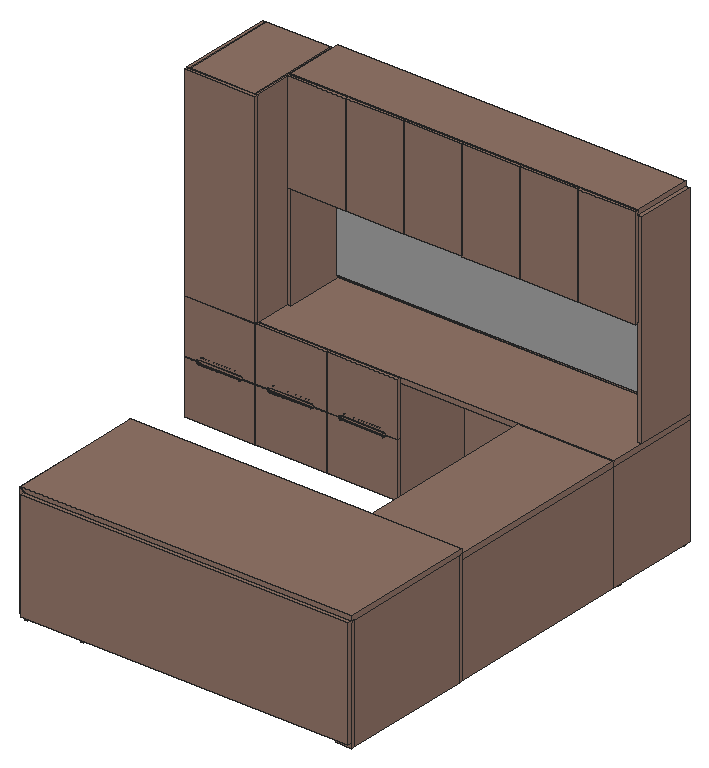
Revit family "OFS TYPICAL T100005", category Furniture, Revit 2022
Family settings
  OmniClass Number = 23.40.20.00
  OmniClass Title = General Furniture and Specialties
  Work Plane-Based = No
  Always vertical = Yes
  Cut with Voids When Loaded = No
  Render Appearance Source = Family Geometry
  Shared = No
  Room Calculation Point = No
Parameters (values of type "T100005")
  URL = "http://ofs.com/"
  Model = "T100005"
  Manufacturer = "OFS"
  Description = "OFS TYPICAL T100005"
  Default Elevation = 0' - 0"
  Copyright © = "©OFS 2024"
  Catalog = ""
  Authoring Version = "Autodesk Revit 2018"
  Assembly Code = "E2020200"
Reference planes (in)
  plane 1 "Center Front/Back": y = 0
  plane 2: z = 0
  plane 3 "Center Left/Right": x = 0
Dimensions and locks (in)
  aligned and locked: level to plane 2
Nested families (in)
  nested 1: "OFS SLATE OVERLAY HIGHBACK ORGANIZER" at (-42, 0, 0), type "Overlay Highback Organizer 6 Doors 90W x 52H - 1.5 High"
    with Top OFS BRANDS Dark Wood, Show Doors yes, Panel OFS BRANDS Dark Wood, Elevation 2' - 5 1/4", Doors OFS BRANDS Dark Wood, Center Doors yes, Base Panel OFS BRANDS Dark Wood, Base OFS BRANDS Dark Wood, Back OFS BRANDS Dark Wood
  nested 2: "OFS SLATE OVERLAY DESK" at (47.97509, -106.8125, 0) x (-1, 0, 0) z (0, 0, 1), type "Full Modesty Overlay Single 15- 84W x 36D - Right"
    with Panel OFS Dark Wood, Glides OFS Black Plastic, Drawers OFS Dark Wood, Doors OFS Dark Wood, Case OFS Dark Wood, Back Panel OFS Dark Wood
  nested 3: "OFS SLATE TACKBOARDS" at (-42.125, 0, 0), type "Tackboard 90W x 25D"
    with Elevation 2' - 6 1/2", Board OFS SLATE White Fabric
  nested 4: "OFS SLATE CREDENZA SINGLE PEDESTAL" at (48, -24, 0), type "Credenza 90"W Single Pedestal Left"
    with Top OFS BRANDS Dark Wood, Right no, Panel OFS BRANDS Dark Wood, Mount Panel OFS BRANDS Dark Wood, Left yes, Glides OFS BRANDS Black Plastic, Drawers OFS BRANDS Dark Wood, Case OFS BRANDS Dark Wood, Base OFS BRANDS Dark Wood
  nested 5: "OFS SLATE TALL STORAGE CABINET _ WARDROBE FILE-FILE" at (-60.00001, 0, 0), type "Tall Storage Wardrobe File-File Left - 81H"
    with Top OFS SLATE Dark Wood, Glides OFS SLATE Black Plastic, Drawers OFS SLATE Dark Wood, Doors OFS SLATE Dark Wood, Case OFS SLATE Dark Wood, Base OFS SLATE Dark Wood
  nested 6: "OFS_Slate Private Office_Return_Bridge_Top" at (47.97509, -24, 0) x (0, -1, 0) z (0, 0, 1), type "48 Bridge Top With Back Panel"
    with Width 4' - 0", Type 2, Back Panel yes
Definition of nested family "OFS SLATE OVERLAY HIGHBACK ORGANIZER"
  Parameters (values of type "Overlay Highback Organizer 4 Doors 78W x 52H - 2 High")
    Show Doors [instance] = yes
    Width = 6' - 6"
    URL = "http://www.ofs.com/"
    Top [instance] = none
    Default Elevation = 0' - 0"
    Base Panel [instance] = none
    Panel [instance] = none
    Model = "CA-A7853HD31"
    Manufacturer = "CAROLINA"
    Length 2 = if(Width > 7' 0", Length 1 - 0' 0.063", Width / 2 - 0' 1")  # 3' - 2"
    Length 1 = if(Width > 7' 0", (Width / 6 - 0' 0.31"), 0' 0")  # 0' - 0"
    High = 2
    Height 1 = if(and(High = 1, Height = 3' 5"), 1' 7", if(and(High = 1.5, Height = 4' 5"), 2' 1", if(and(High = 2, Height = 4' 5"), 2' 7", 2' 1")))  # 2' - 7"
    Height = 4' - 5"
    Elevation [instance] = 2' - 5 1/4"
    Doors [instance] = none
    Description = "OFS SLATE Overlay Highback Organizer 4 Doors, 78W x 15.75D x 52.5H, Slate Private Office"
    Copyright © = "© 2019 OFS"
    Center Doors [instance] = and(Show Doors, Width > 7' 0")  # no
    Catalog = "https://ofs.com/products/tables/conference/slate"
    Base [instance] = none
    Back [instance] = none
    Authoring Version = "Autodesk Revit Architecture 2014"
    Assembly Code = "E2020200"
  Types (27): name | Width | Model | Length 2 | Length 1 | High | Height 1 | Height | Description | Center Doors
    Overlay Highback Organizer 6 Doors 108W x 52H - 2 High | 9' - 0" | "CA-A10853HD31" | 1' - 5.627" | 1' - 5.69" | 2 | 2' - 7" | 4' - 5" | "OFS SLATE Overlay Highback Organizer 6 Doors, 108W x 15.75D x 52.5H, Slate Private Office" | yes
    Overlay Highback Organizer 6 Doors 102W x 52H - 2 High | 8' - 6" | "CA-A10253HD31" | 1' - 4.627" | 1' - 4.69" | 2 | 2' - 7" | 4' - 5" | "OFS SLATE Overlay Highback Organizer 6 Doors, 102W x 15.75D x 52.5H, Slate Private Office" | yes
    Overlay Highback Organizer 6 Doors 96W x 52H - 2 High | 8' - 0" | "CA-A9653HD31" | 1' - 3.627" | 1' - 3.69" | 2 | 2' - 7" | 4' - 5" | "OFS SLATE Overlay Highback Organizer 6 Doors, 96W x 15.75D x 52.5H, Slate Private Office" | yes
    Overlay Highback Organizer 6 Doors 90W x 52H - 2 High | 7' - 6" | "CA-A9053HD31" | 1' - 2.627" | 1' - 2.69" | 2 | 2' - 7" | 4' - 5" | "OFS SLATE Overlay Highback Organizer 6 Doors, 90W x 15.75D x 52.5H, Slate Private Office" | yes
    Overlay Highback Organizer 4 Doors 84W x 52H - 2 High | 7' - 0" | "CA-A8453HD31" | 3' - 5" | 0' - 0" | 2 | 2' - 7" | 4' - 5" | "OFS SLATE Overlay Highback Organizer 4 Doors, 84W x 15.75D x 52.5H, Slate Private Office" | no
    Overlay Highback Organizer 4 Doors 78W x 52H - 2 High | 6' - 6" | "CA-A7853HD31" | 3' - 2" | 0' - 0" | 2 | 2' - 7" | 4' - 5" | "OFS SLATE Overlay Highback Organizer 4 Doors, 78W x 15.75D x 52.5H, Slate Private Office" | no
    Overlay Highback Organizer 4 Doors 72W x 52H - 2 High | 6' - 0" | "CA-A7253HD31" | 2' - 11" | 0' - 0" | 2 | 2' - 7" | 4' - 5" | "OFS SLATE Overlay Highback Organizer 4 Doors, 72W x 15.75D x 52.5H, Slate Private Office" | no
    Overlay Highback Organizer 4 Doors 66W x 52H - 2 High | 5' - 6" | "CA-A6653HD31" | 2' - 8" | 0' - 0" | 2 | 2' - 7" | 4' - 5" | "OFS SLATE Overlay Highback Organizer 4 Doors, 66W x 15.75D x 52.5H, Slate Private Office" | no
    Overlay Highback Organizer 4 Doors 60W x 52H - 2 High | 5' - 0" | "CA-A6053HD31" | 2' - 5" | 0' - 0" | 2 | 2' - 7" | 4' - 5" | "OFS SLATE Overlay Highback Organizer 4 Doors, 60W x 15.75D x 52.5H, Slate Private Office" | no
    Overlay Highback Organizer 6 Doors 108W x 52H - 1.5 High | 9' - 0" | "CA-A10853HD25" | 1' - 5.627" | 1' - 5.69" | 1.5 | 2' - 1" | 4' - 5" | "OFS SLATE Overlay Highback Organizer 6 Doors, 108W x 15.75D x 52.5H, Slate Private Office" | yes
    Overlay Highback Organizer 6 Doors 102W x 52H - 1.5 High | 8' - 6" | "CA-A10253HD25" | 1' - 4.627" | 1' - 4.69" | 1.5 | 2' - 1" | 4' - 5" | "OFS SLATE Overlay Highback Organizer 6 Doors, 102W x 15.75D x 52.5H, Slate Private Office" | yes
    Overlay Highback Organizer 6 Doors 96W x 52H - 1.5 High | 8' - 0" | "CA-A9653HD25" | 1' - 3.627" | 1' - 3.69" | 1.5 | 2' - 1" | 4' - 5" | "OFS SLATE Overlay Highback Organizer 6 Doors, 96W x 15.75D x 52.5H, Slate Private Office" | yes
    Overlay Highback Organizer 6 Doors 90W x 52H - 1.5 High | 7' - 6" | "CA-A9053HD25" | 1' - 2.627" | 1' - 2.69" | 1.5 | 2' - 1" | 4' - 5" | "OFS SLATE Overlay Highback Organizer 6 Doors, 90W x 15.75D x 52.5H, Slate Private Office" | yes
    Overlay Highback Organizer 4 Doors 84W x 52H - 1.5 High | 7' - 0" | "CA-A8453HD25" | 3' - 5" | 0' - 0" | 1.5 | 2' - 1" | 4' - 5" | "OFS SLATE Overlay Highback Organizer 4 Doors, 84W x 15.75D x 52.5H, Slate Private Office" | no
    Overlay Highback Organizer 4 Doors 78W x 52H - 1.5 High | 6' - 6" | "CA-A7853HD25" | 3' - 2" | 0' - 0" | 1.5 | 2' - 1" | 4' - 5" | "OFS SLATE Overlay Highback Organizer 4 Doors, 78W x 15.75D x 52.5H, Slate Private Office" | no
    Overlay Highback Organizer 4 Doors 72W x 52H - 1.5 High | 6' - 0" | "CA-A7253HD25" | 2' - 11" | 0' - 0" | 1.5 | 2' - 1" | 4' - 5" | "OFS SLATE Overlay Highback Organizer 4 Doors, 72W x 15.75D x 52.5H, Slate Private Office" | no
    Overlay Highback Organizer 4 Doors 66W x 52H - 1.5 High | 5' - 6" | "CA-A6653HD25" | 2' - 8" | 0' - 0" | 1.5 | 2' - 1" | 4' - 5" | "OFS SLATE Overlay Highback Organizer 4 Doors, 66W x 15.75D x 52.5H, Slate Private Office" | no
    Overlay Highback Organizer 4 Doors 60W x 52H - 1.5 High | 5' - 0" | "CA-A6053HD25" | 2' - 5" | 0' - 0" | 1.5 | 2' - 1" | 4' - 5" | "OFS SLATE Overlay Highback Organizer 4 Doors, 60W x 15.75D x 52.5H, Slate Private Office" | no
    Overlay Highback Organizer 6 Doors 108W x 40H - 1 High | 9' - 0" | "CA-A10841HD19" | 1' - 5.627" | 1' - 5.69" | 1 | 1' - 7" | 3' - 5" | "OFS SLATE Overlay Highback Organizer 6 Doors, 108W x 15.75D x 40.5H, Slate Private Office" | yes
    Overlay Highback Organizer 6 Doors 102W x 40H - 1 High | 8' - 6" | "CA-A10241HD19" | 1' - 4.627" | 1' - 4.69" | 1 | 1' - 7" | 3' - 5" | "OFS SLATE Overlay Highback Organizer 6 Doors, 102W x 15.75D x 40.5H, Slate Private Office" | yes
    Overlay Highback Organizer 6 Doors 96W x 40H - 1 High | 8' - 0" | "CA-A9641HD19" | 1' - 3.627" | 1' - 3.69" | 1 | 1' - 7" | 3' - 5" | "OFS SLATE Overlay Highback Organizer 6 Doors, 96W x 15.75D x 40.5H, Slate Private Office" | yes
    Overlay Highback Organizer 6 Doors 90W x 40H - 1 High | 7' - 6" | "CA-A9041HD19" | 1' - 2.627" | 1' - 2.69" | 1 | 1' - 7" | 3' - 5" | "OFS SLATE Overlay Highback Organizer 6 Doors, 90W x 15.75D x 40.5H, Slate Private Office" | yes
    Overlay Highback Organizer 4 Doors 84W x 40H - 1 High | 7' - 0" | "CA-A8441HD19" | 3' - 5" | 0' - 0" | 1 | 1' - 7" | 3' - 5" | "OFS SLATE Overlay Highback Organizer 4 Doors, 84W x 15.75D x 40.5H, Slate Private Office" | no
    Overlay Highback Organizer 4 Doors 78W x 40H - 1 High | 6' - 6" | "CA-A7841HD19" | 3' - 2" | 0' - 0" | 1 | 1' - 7" | 3' - 5" | "OFS SLATE Overlay Highback Organizer 4 Doors, 78W x 15.75D x 40.5H, Slate Private Office" | no
    Overlay Highback Organizer 4 Doors 72W x 40H - 1 High | 6' - 0" | "CA-A7241HD19" | 2' - 11" | 0' - 0" | 1 | 1' - 7" | 3' - 5" | "OFS SLATE Overlay Highback Organizer 4 Doors, 72W x 15.75D x 40.5H, Slate Private Office" | no
    Overlay Highback Organizer 4 Doors 66W x 40H - 1 High | 5' - 6" | "CA-A6641HD19" | 2' - 8" | 0' - 0" | 1 | 1' - 7" | 3' - 5" | "OFS SLATE Overlay Highback Organizer 4 Doors, 66W x 15.75D x 40.5H, Slate Private Office" | no
    Overlay Highback Organizer 4 Doors 60W x 40H - 1 High | 5' - 0" | "CA-A6041HD19" | 2' - 5" | 0' - 0" | 1 | 1' - 7" | 3' - 5" | "OFS SLATE Overlay Highback Organizer 4 Doors, 60W x 15.75D x 40.5H, Slate Private Office" | no
  Reference planes (in)
    plane 1 "Center (Front/Back)": y = 0
    plane 2: z = 0
    plane 3 "Center (Left/Right)": x = 0
    plane 4: x = 78
    plane 5: y = -15
    plane 6: x = 39
    plane 7: z = 29.25
    plane 8: z = 80.75
    plane 9: z = 80
    plane 10: z = 51.4375
    plane 11: z = 50.25
    plane 12: z = 29.75
    plane 13: z = 81.25
    plane 14: x = 39
    plane 15: x = 39
    plane 16: x = 20
    plane 17: x = 58
    plane 18: x = 1
    plane 19: x = 77
    plane 20: z = 81.8125
    plane 21: z = 81.75
    plane 22: z = 82.25
  Forms (in)
    Extrusion 1, solid, material <- "Panel"
      sketch origin (39, -0.75, 47.24409) x (0, 1, 0) y (0, 0, 1)
        loop
          line (0, 32.7559) -> (-14.25, 32.7559) -> (-14.25, 4.19341) -> (0, 4.19341) -> (0, 32.7559)
      from -0.375 to 0.375
    Extrusion 2, solid, material <- "Panel"
      sketch origin (39, -0.75, 47.24409) x (0, 1, 0) y (0, 0, -1)
        loop
          line (0, -32.7559) -> (0, -4.19341) -> (-14.25, -4.19341) -> (-14.25, -32.7559) -> (0, -32.7559)
      from -0.375 to 0.375
    Extrusion 3, solid, material <- "Doors", visible <- "Show Doors"
      sketch origin (-3.99704, -15, 47.24409) x (-1, 0, 0) y (0, 0, 1)
        loop
          line (-4.99704, 34.50591) -> (-23.93204, 34.50591) -> (-23.93204, 3.00591) -> (-4.99704, 3.00591) -> (-4.99704, 34.50591)
        loop
          line (-80.99704, 34.50591) -> (-80.99704, 3.00591) -> (-62.06204, 3.00591) -> (-62.06204, 34.50591) -> (-80.99704, 34.50591)
      from -0.08661 to -0.83661
    Extrusion 4, solid, material <- "Doors", visible <- "Show Doors"
      sketch origin (-3.99704, -15, 47.24409) x (-1, 0, 0) y (0, 0, 1)
        loop
          line (-42.93454, 34.50591) -> (-42.93454, 3.00591) -> (-24.06204, 3.00591) -> (-24.06204, 34.50591) -> (-42.93454, 34.50591)
        loop
          line (-43.05954, 34.50591) -> (-61.93204, 34.50591) -> (-61.93204, 3.00591) -> (-43.05954, 3.00591) -> (-43.05954, 34.50591)
      from -0.08661 to -0.83661
    Extrusion 5, solid, material <- "Doors", visible <- "Center Doors"
      sketch origin (-3.99704, -15, 47.24409) x (-1, 0, 0) y (0, 0, 1)
        loop
          line (-42.93204, 34.50591) -> (-42.93204, 3.00591) -> (-4.99704, 3.00591) -> (-4.99704, 34.50591) -> (-42.93204, 34.50591)
        loop
          line (-43.06204, 34.50591) -> (-80.99704, 34.50591) -> (-80.99704, 3.00591) -> (-43.06204, 3.00591) -> (-43.06204, 34.50591)
      from -0.08661 to -0.83661
    Extrusion 6, solid, material <- "Panel"
      sketch origin (-59.82313, -60, 29.25) x (-1, 0, 0) y (0, -1, 0)
        loop
          line (-59.82313, -60) -> (-59.82313, -45) -> (-61.01063, -45) -> (-61.01063, -60) -> (-59.82313, -60)
        loop
          line (-137.82313, -60) -> (-136.63563, -60) -> (-136.63563, -45) -> (-137.82313, -45) -> (-137.82313, -60)
      from 0 to 51.5
    Extrusion 7, solid, material <- "Top"
      sketch origin (1, 4.23653, 47.24409) x (0, 1, 0) y (0, 0, 1)
        loop
          line (-4.23653, 34.56841) -> (-19.23653, 34.56841) -> (-19.23653, 33.5059) -> (-4.23653, 33.5059) -> (-4.23653, 34.56841)
      from 0 to 76
    Extrusion 8, solid, material <- "Back"
      sketch origin (1.1875, 0, 29.25) x (0, -1, 0) y (0, 0, -1)
        loop
          line (0, -50.75) -> (0.75, -50.75) -> (0.75, -0.5) -> (0, -0.5) -> (0, -50.75)
      from 0 to 75.625
    Extrusion 9, solid, material <- "Top"
      sketch origin (-3.99704, -15, 47.24409) x (-1, 0, 0) y (0, 0, 1)
        loop
          line (-5.18454, 32.7559) -> (-5.18454, 33.5059) -> (-80.80954, 33.5059) -> (-80.80954, 32.7559) -> (-5.18454, 32.7559)
      from 0 to 15
    Extrusion 10, solid, material <- "Base Panel"
      sketch origin (-3.99704, -15, 47.24409) x (-1, 0, 0) y (0, 0, 1)
        loop
          line (-5.18454, 4.19341) -> (-80.80954, 4.19341) -> (-80.80954, 3.00591) -> (-5.18454, 3.00591) -> (-5.18454, 4.19341)
      from 0 to 14.25
    Extrusion 11, void
      sketch origin (0, 0, 0) x (0, -1, 0) y (0, 0, 1)
        loop
          line (15.52484, 50.25) -> (15.08661, 50.68822) -> (15.08661, 50.25) -> (15.52484, 50.25)
      from 0 to -78
  Cuts and joins
    Extrusion 11 cuts Extrusion 3
    joined: Extrusion 1, Extrusion 6
  Lines and regions (in)
    Masking region 1
      outline origin (69.63251, -60, 80.75) x (0, -1, 0) y (1, 0, 0)
        loop
          line (-60, -69.63251) -> (-45, -69.63251) -> (-45, -68.63251) -> (-44.16339, -68.63251) -> (-44.16339, 7.36749) -> (-45, 7.36749) -> (-45, 8.36749) -> (-60, 8.36749) -> (-60, -69.63251)
  Dimensions and locks (in)
    "Width": plane 3 "Center (Left/Right)" to plane 4
    equal spacing: plane 3 "Center (Left/Right)", plane 6, plane 4
    plane 1 "Center (Front/Back)" to plane 5 = 1' - 3"
    plane 22 to plane 20 to plane 21 to plane 13 to plane 8 to plane 9 = 0' - 0 7/16" locked, 0' - 0 1/16" locked, 0' - 0 1/2" locked, 0' - 0 1/2" locked, 0' - 0 3/4" locked
    locked: plane 10 to plane 11 at 1.1875
    locked: plane 12 to plane 7 at 0.5
    "Height 1": plane 13 to plane 11
    "Length 1": plane 14 to plane 6
    "Elevation": plane 7 to level
    "Length 1": plane 15 to plane 6
    locked: Extrusion 3 sketch curve to plane 16 at 0.065
    locked: Extrusion 3 sketch curve to plane 17 at 0.065
    locked: plane 16 to Extrusion 4 sketch curve at 0.065
    locked: plane 14 to Extrusion 4 sketch curve at 0.0625
    locked: plane 15 to Extrusion 4 sketch curve at 0.0625
    locked: plane 17 to Extrusion 4 sketch curve at 0.065
    Extrusion 5 sketch curve to plane 6 to Extrusion 5 sketch curve = 0' - 0.065" locked, 0' - 0.065" locked
    "Length 2": Extrusion 5 sketch curve to plane 6
    "Length 2": plane 6 to Extrusion 5 sketch curve
    locked: plane 3 "Center (Left/Right)" to plane 18 at 1
    equal spacing: plane 18, plane 16, plane 14
    locked: plane 19 to plane 4 at 1
    equal spacing: plane 15, plane 17, plane 19
    locked: plane 3 "Center (Left/Right)" to Extrusion 6 sketch curve at 1.1875
    locked: Extrusion 6 sketch curve to plane 4 at 1.1875
    locked: plane 1 "Center (Front/Back)" to Extrusion 8 sketch curve at 0.75
    "Height": plane 22 to plane 7
    aligned and locked: level to plane 2
    aligned and locked: plane 6 to nested 1
    aligned and locked: plane 5 to Extrusion 1 sketch curve
    aligned and locked: Extrusion 1 sketch curve to plane 10
    aligned and locked: Extrusion 1 sketch curve to plane 9
    aligned and locked: Extrusion 2 sketch curve to plane 9
    aligned and locked: Extrusion 2 sketch curve to plane 10
    aligned and locked: plane 5 to Extrusion 2 sketch curve
    aligned and locked: plane 11 to Extrusion 3 sketch curve
    aligned and locked: Extrusion 3 sketch curve to plane 11
    aligned and locked: plane 11 to Extrusion 4 sketch curve
    aligned and locked: Extrusion 4 sketch curve to plane 11
    aligned and locked: plane 11 to Extrusion 5 sketch curve
    aligned and locked: Extrusion 5 sketch curve to plane 11
    aligned and locked: plane 18 to Extrusion 3 sketch curve
    aligned and locked: Extrusion 3 sketch curve to plane 19
    aligned and locked: Extrusion 3 sketch curve to plane 21  (x2)
    aligned and locked: Extrusion 4 sketch curve to plane 21
    aligned and locked: plane 21 to Extrusion 4 sketch curve
    aligned and locked: Extrusion 5 sketch curve to plane 21  (x2)
    aligned and locked: plane 1 "Center (Front/Back)" to Extrusion 6 sketch curve
    aligned and locked: plane 3 "Center (Left/Right)" to Extrusion 6 sketch curve
    aligned and locked: plane 5 to Extrusion 6 sketch curve  (x2)
    aligned and locked: plane 4 to Extrusion 6 sketch curve
    aligned and locked: Extrusion 6 sketch curve to plane 1 "Center (Front/Back)"
    aligned and locked: Extrusion 6 to plane 8
    aligned and locked: plane 5 to Extrusion 7 sketch curve
    aligned and locked: Extrusion 7 sketch curve to plane 20
    aligned and locked: Extrusion 7 sketch curve to plane 8
    aligned and locked: plane 1 "Center (Front/Back)" to Extrusion 7 sketch curve
    aligned and locked: Extrusion 7 to plane 19
    aligned and locked: Extrusion 8 sketch curve to plane 12
    aligned and locked: plane 1 "Center (Front/Back)" to Extrusion 8 sketch curve
    aligned and locked: Extrusion 8 sketch curve to plane 9
    aligned and locked: Extrusion 8 to Extrusion 6
    aligned and locked: Extrusion 9 sketch curve to Extrusion 6  (x2)
    aligned and locked: Extrusion 9 sketch curve to plane 9
    aligned and locked: Extrusion 9 sketch curve to plane 8
    aligned and locked: Extrusion 9 to plane 1 "Center (Front/Back)"
    aligned and locked: plane 10 to Extrusion 10 sketch curve
    aligned and locked: Extrusion 10 sketch curve to plane 11
    aligned and locked: Extrusion 6 to Extrusion 10 sketch curve  (x2)
    aligned and locked: Extrusion 1 to Extrusion 10
    aligned and locked: Extrusion 11 sketch curve to plane 11
    aligned and locked: Extrusion 3 to Extrusion 11 sketch curve
    aligned and locked: plane 4 to Extrusion 11
    aligned and locked: plane 18 to Masking region 1 sketch curve
    aligned and locked: Masking region 1 sketch curve to cut or joined group of Extrusion 3, Extrusion 11
    aligned and locked: Masking region 1 sketch curve to plane 19
    aligned and locked: plane 5 to Masking region 1 sketch curve
    aligned and locked: Extrusion 5 to nested 1
  Automatic sketch dimensions
    plane 1 "Center (Front/Back)" to Extrusion 1 sketch curve = 0' - 0 3/4"
    Extrusion 2 sketch curve to plane 1 "Center (Front/Back)" = 0' - 0 3/4"
    plane 1 "Center (Front/Back)" to Masking region 1 sketch curve = 0' - 0"
    Masking region 1 sketch curve to plane 5 = 0' - 0"
    Masking region 1 sketch curve to plane 4 = 0' - 0"
    Extrusion 11 sketch curve to Extrusion 11 sketch curve = 0' - 0.43822"
    plane 11 to Extrusion 11 sketch curve = 0' - 0.43822"
    Masking region 1 sketch curve to plane 3 "Center (Left/Right)" = 0' - 0"
  Nested families (in)
    nested 1: "Tag" at (39, -15.83661, 0), type "Center", detail levels fine
      with Offset (LR) 0' - 0"
  Definition of nested family "Tag"
    Parameters
      P_Width = 0' - 0"
      Text_Width = "Empty"
      Text_Height = "Empty"
      Text_Diameter = "Empty"
      Text_Depth = "Empty"
      Offset (LR) [instance] = 0' - 0"
      Model Name = "Type Catalog"
      P_Height = 0' - 0"
      Distance of Center (not Change) = 0' - 0.1"
      P_Diameter = 0' - 0"
      P_Depth = 0' - 0"
    Reference planes (in)
      plane 1: y = 0
      plane 2: x = 0
    Lines and regions (in)
      reference lines
        curve 1: line (-0.44359, 0.1, 0) -> (0.41085, 0.1, 0)
        curve 3: line (0, 0.42564, 0) -> (0, -0.30221, 0)
      reference lines, not visible
        curve 2: line (-0.44359, 0.09843, 0) -> (0.41085, 0.09843, 0)
        curve 4: line (0, 0.42407, 0) -> (0, -0.30379, 0)
    Text (in)
      label "Empty" at (0.00197, 0.0921, 0), shows "Model Name"
      label "Empty" at (0.00197, 0.09052, 0), shows "Model Name", not visible
    Dimensions and locks (in)
      "Distance of Center (not Change)": plane 1 to curve 1
      "Offset (LR)": curve 3 to plane 2
    Automatic sketch dimensions
      curve 1 to curve 3 = 0' - 0.44359"
      curve 3 to curve 1 = 0' - 0.41085"
      curve 3 to curve 1 = 0' - 0.40221"
      curve 1 to curve 3 = 0' - 0.32564"
      curve 2 to curve 4 = 0' - 0.44359"
      curve 4 to curve 2 = 0' - 0.41085"
      curve 4 to curve 2 = 0' - 0.40221"
      curve 2 to curve 4 = 0' - 0.32564"
Definition of nested family "OFS SLATE OVERLAY DESK"
  Parameters (values of type "Full Modesty Overlay Single 15- 60W x 30D - Left")
    Width = 5' - 0"
    URL = "http://www.ofs.com/"
    Type = 2
    Right = Type = 1  # no
    Panel [instance] = none
    Model = "CA-A6030LPD-2"
    Left = Type = 2  # yes
    Drawers [instance] = none
    Doors [instance] = none
    Default Elevation = 0' - 0"
    Back Panel [instance] = none
    Manufacturer = "CAROLINA"  # constant formula
    Glides [instance] = none
    Description = "OFS SLATE Full Modesty Overlay Single 15\" Pedestal Desk, Full Modesty - 60\"\"W x 30\"\"D - Left"
    Depth = 2' - 6"
    Copyright © = "© 2019 OFS"  # constant formula
    Catalog = "https://ofs.com/products/casegoods/private-office/slate"  # constant formula
    Case [instance] = none
    Authoring Version = "Autodesk Revit Architecture 2014"  # constant formula
    Assembly Code = "E2020200"
  Types (12): name | Width | Type | Right | Model | Left | Description | Depth
    Full Modesty Overlay Single 15- 84W x 36D - Left | 7' - 0" | 2 | no | "CA-A8436LPD-2" | yes | "OFS SLATE Full Modesty Overlay Single 15\" Pedestal Desk, Full Modesty - 84\"\"W x 36\"\"D - Left" | 3' - 0"
    Full Modesty Overlay Single 15- 78W x 36D - Left | 6' - 6" | 2 | no | "CA-A7836LPD-2" | yes | "OFS SLATE Full Modesty Overlay Single 15\" Pedestal Desk, Full Modesty - 78\"\"W x 36\"\"D - Left" | 3' - 0"
    Full Modesty Overlay Single 15- 72W x 36D - Left | 6' - 0" | 2 | no | "CA-A7236LPD-2" | yes | "OFS SLATE Full Modesty Overlay Single 15\" Pedestal Desk, Full Modesty - 72\"\"W x 36\"\"D - Left" | 3' - 0"
    Full Modesty Overlay Single 15- 72W x 30D - Left | 6' - 0" | 2 | no | "CA-A7230LPD-2" | yes | "OFS SLATE Full Modesty Overlay Single 15\" Pedestal Desk, Full Modesty - 72\"\"W x 30\"\"D - Left" | 2' - 6"
    Full Modesty Overlay Single 15- 66W x 30D - Left | 5' - 6" | 2 | no | "CA-A6630LPD-2" | yes | "OFS SLATE Full Modesty Overlay Single 15\" Pedestal Desk, Full Modesty - 66\"\"W x 30\"\"D - Left" | 2' - 6"
    Full Modesty Overlay Single 15- 60W x 30D - Left | 5' - 0" | 2 | no | "CA-A6030LPD-2" | yes | "OFS SLATE Full Modesty Overlay Single 15\" Pedestal Desk, Full Modesty - 60\"\"W x 30\"\"D - Left" | 2' - 6"
    Full Modesty Overlay Single 15- 84W x 36D - Right | 7' - 0" | 1 | yes | "CA-A8436RPD-2" | no | "OFS SLATE Full Modesty Overlay Single 15\" Pedestal Desk, Full Modesty - 84\"\"W x 36\"\"D - Right" | 3' - 0"
    Full Modesty Overlay Single 15- 78W x 36D - Right | 6' - 6" | 1 | yes | "CA-A7836RPD-2" | no | "OFS SLATE Full Modesty Overlay Single 15\" Pedestal Desk, Full Modesty - 78\"\"W x 36\"\"D - Right" | 3' - 0"
    Full Modesty Overlay Single 15- 72W x 36D - Right | 6' - 0" | 1 | yes | "CA-A7236RPD-2" | no | "OFS SLATE Full Modesty Overlay Single 15\" Pedestal Desk, Full Modesty - 72\"\"W x 36\"\"D - Right" | 3' - 0"
    Full Modesty Overlay Single 15- 72W x 30D - Right | 6' - 0" | 1 | yes | "CA-A7230RPD-2" | no | "OFS SLATE Full Modesty Overlay Single 15\" Pedestal Desk, Full Modesty - 72\"\"W x 30\"\"D - Right" | 2' - 6"
    Full Modesty Overlay Single 15- 66W x 30D - Right | 5' - 6" | 1 | yes | "CA-A6630RPD-2" | no | "OFS SLATE Full Modesty Overlay Single 15\" Pedestal Desk, Full Modesty - 66\"\"W x 30\"\"D - Right" | 2' - 6"
    Full Modesty Overlay Single 15- 60W x 30D - Right | 5' - 0" | 1 | yes | "CA-A6030RPD-2" | no | "OFS SLATE Full Modesty Overlay Single 15\" Pedestal Desk, Full Modesty - 60\"\"W x 30\"\"D - Right" | 2' - 6"
  Reference planes (in)
    plane 1 "Center (Front/Back)": y = 0
    plane 2: z = 0
    plane 3 "Center (Left/Right)": x = 0
    plane 4: z = 0.45
    plane 5: z = 1.7
    plane 6: z = 1.95
    plane 7: z = 15.35625
    plane 8: z = 15.48125
    plane 9: z = 30.3875
    plane 10: z = 29.325
    plane 11: z = 29.1375
    plane 12: z = 29.2
    plane 13: x = -58.9375
    plane 14: x = -58.8125
    plane 15: x = -44.5625
    plane 16: x = -43.8125
    plane 17: x = -58.0625
    plane 18: x = -51.3125
    plane 19: x = -60
    plane 20: x = -4
    plane 21: x = -58.75
    plane 22: x = -43.875
    plane 23 "Front": y = -28.8125
    plane 24: y = 1.1875
    plane 25 "Axis": y = -25.86145
    plane 26: x = 58.9375
    plane 27: x = 58.8125
    plane 28: x = 44.5625
    plane 29: x = 43.8125
    plane 30: x = 58.0625
    plane 31: x = 51.3125
    plane 32: x = 60
    plane 33: x = 4
    plane 34: x = 58.75
    plane 35: x = 43.875
    plane 36: x = -30
    plane 37: x = 30
  Forms (in)
    Revolve 1, solid, material <- "Glides", visible <- "Left"
      sketch origin (64.48096, -1.37544, 47.24409) x (1, 0, 0) y (0, 0, 1)
        loop
          line (-121.90256, -46.79409) -> (-122.15256, -46.79409) -> (-122.15256, -46.99165) -> (-122.19123, -46.99165)
          arc (-122.19123, -46.99165) -> (-122.28025, -47.13447) -> (-122.15256, -47.24409) r 0.12918
          line (-122.15256, -47.24409) -> (-121.90256, -47.24409) -> (-121.90256, -46.79409)
        axis (-121.90256, -46.79409) -> (-121.90256, -47.24409)
      angle from 0 to 360
    Revolve 2, solid, material <- "Glides", visible <- "Left"
      sketch origin (64.48096, -1.37544, 47.24409) x (1, 0, 0) y (0, 0, 1)
        loop
          line (-109.68436, -46.79409) -> (-109.68436, -47.24409) -> (-109.43436, -47.24409)
          arc (-109.43436, -47.24409) -> (-109.30666, -47.13447) -> (-109.39568, -46.99165) r 0.12918
          line (-109.39568, -46.99165) -> (-109.43436, -46.99165) -> (-109.43436, -46.79409) -> (-109.68436, -46.79409)
        axis (-109.68436, -46.79409) -> (-109.68436, -47.24409)
      angle from 0 to 360
    Revolve 3, solid, material <- "Glides", visible <- "Left"
      sketch origin (0, -25.86145, 0) x (1, 0, 0) y (0, 0, 1)
        loop
          line (-56.31919, 0.45) -> (-56.56919, 0.45) -> (-56.56919, 0.25244) -> (-56.60787, 0.25244)
          arc (-56.60787, 0.25244) -> (-56.69689, 0.10962) -> (-56.56919, 0) r 0.12918
          line (-56.56919, 0) -> (-56.31919, 0) -> (-56.31919, 0.45)
        axis (-56.31919, 0.45) -> (-56.31919, 0)
      angle from 0 to 360
    Revolve 4, solid, material <- "Glides", visible <- "Left"
      sketch origin (0, -25.86145, 0) x (1, 0, 0) y (0, 0, 1)
        loop
          line (-46.31795, 0.45) -> (-46.31795, 0) -> (-46.06795, 0)
          arc (-46.06795, 0) -> (-45.94026, 0.10962) -> (-46.02928, 0.25244) r 0.12918
          line (-46.02928, 0.25244) -> (-46.06795, 0.25244) -> (-46.06795, 0.45) -> (-46.31795, 0.45)
        axis (-46.31795, 0.45) -> (-46.31795, 0)
      angle from 0 to 360
    Extrusion 5, solid, material <- "Case", visible <- "Left"
      sketch origin (-20.71864, -60, 0.45) x (-1, 0, 0) y (0, -1, 0)
        loop
          line (37.34386, -59.25) -> (37.34386, -57.75) -> (35.84385, -57.75) -> (35.84385, -59.25) -> (37.34386, -59.25)
        loop
          line (25.34386, -59.25) -> (25.34386, -57.75) -> (23.84386, -57.75) -> (23.84386, -59.25) -> (25.34386, -59.25)
      from 0 to 1.5
    Extrusion 6, solid, material <- "Drawers", visible <- "Left"
      sketch origin (-51.3125, -34.55325, 47.24409) x (0, -1, 0) y (0, 0, 1)
        loop
          line (-5.80325, -18.10659) -> (-6.55325, -18.10659) -> (-6.55325, -31.76284) -> (-5.80325, -31.76284) -> (-5.80325, -18.10659)
        loop
          line (-5.80325, -45.5441) -> (-5.80325, -31.88784) -> (-6.55325, -31.88784) -> (-6.55325, -45.5441) -> (-5.80325, -45.5441)
      from -7.4375 to 7.4375
    Sweep 7, solid, material <- "Case", visible <- "Left"
      path origin (-20.71864, -60, 0.45) x (-1, 0, 0) y (0, -1, 0)
        loop
          line (38.09386, -60) -> (38.09386, -32.875) -> (23.09386, -32.875) -> (23.09386, -60)
      profile origin (-51.3125, -27.125, 0.45) x (0, 1, 0) y (0, 0, 1)
        loop
          line (0, 0) -> (0.75, 0) -> (0.75, 1.25) -> (0, 1.25) -> (0, 0)
    Extrusion 8, solid, material <- "Case", visible <- "Left"
      sketch origin (70.11422, -60, 1.7) x (0, -1, 0) y (-1, 0, 0)
        loop
          line (-60, 128.92672) -> (-60, 128.17672) -> (-32, 128.17672) -> (-32, 128.92672) -> (-60, 128.92672)
        loop
          line (-60, 113.92672) -> (-32, 113.92672) -> (-32, 114.67672) -> (-60, 114.67672) -> (-60, 113.92672)
      from 0 to -27.5
    Extrusion 9, solid, material <- "Back Panel", visible <- "Left"
      sketch origin (-20.71864, -60, 0.45) x (-1, 0, 0) y (0, -1, 0)
        loop
          line (38.21886, -61.1875) -> (38.21886, -60) -> (-20.71864, -60) -> (-20.71864, -61.1875) -> (38.21886, -61.1875)
      from 1.25 to 28.875
    Extrusion 10, solid, material <- "Case", visible <- "Left"
      sketch origin (-20.71864, -60, 0.45) x (-1, 0, 0) y (0, -1, 0)
        loop
          line (37.34386, -60) -> (37.34386, -59.25) -> (23.84386, -59.25) -> (23.84386, -60) -> (37.34386, -60)
      from 0 to 28.75
    Extrusion 11, solid, material <- "Panel", visible <- "Left"
      sketch origin (-4, -34.55325, 47.24409) x (0, -1, 0) y (0, 0, 1)
        loop
          line (-34.55325, -18.04409) -> (-34.55325, -19.2316) -> (-5.74075, -19.2316) -> (-5.74075, -18.04409) -> (-34.55325, -18.04409)
      from 0 to 20
    Extrusion 12, solid, material <- "Panel", visible <- "Left"
      sketch origin (-63.76383, -28.8125, 47.24409) x (-1, 0, 0) y (0, 0, 1)
        loop
          line (-3.76383, -45.5441) -> (-3.76383, -17.15837)
          arc (-3.76383, -17.15837) -> (-3.841, -17.04289) -> (-3.97722, -17.06998) r 0.125
          line (-3.97722, -17.06998) -> (-4.95133, -18.04409) -> (-4.95133, -45.5441) -> (-3.76383, -45.5441)
      from 0 to 28.8125
    Extrusion 13, solid, material <- "Panel", visible <- "Left"
      sketch origin (-63.76383, -28.8125, 47.24409) x (-1, 0, 0) y (0, 0, 1)
        loop
          line (-63.76383, -18.04409) -> (-4.95133, -18.04409) -> (-3.97722, -17.06998)
          arc (-3.97722, -17.06998) -> (-3.95013, -16.93376) -> (-4.06561, -16.85659) r 0.125
          line (-4.06561, -16.85659) -> (-63.76383, -16.85659) -> (-63.76383, -18.04409)
      from 0 to 28.8125
    Revolve 14, solid, material <- "Glides", visible <- "Left"
      sketch origin (-1.6269, -2.95105, 47.24409) x (-1, 0, 0) y (0, 0, 1)
        loop
          line (0.3731, -46.79409) -> (0.3731, -47.24409) -> (0.6231, -47.24409)
          arc (0.6231, -47.24409) -> (0.75079, -47.13447) -> (0.66177, -46.99165) r 0.12918
          line (0.66177, -46.99165) -> (0.6231, -46.99165) -> (0.6231, -46.79409) -> (0.3731, -46.79409)
        axis (0.3731, -46.79409) -> (0.3731, -47.24409)
      angle from 0 to 360
    Revolve 15, solid, material <- "Glides", visible <- "Left"
      sketch origin (0, -25.86145, 0) x (1, 0, 0) y (0, 0, 1)
        loop
          line (-2, 0.45) -> (-2.25, 0.45) -> (-2.25, 0.25244) -> (-2.28868, 0.25244)
          arc (-2.28868, 0.25244) -> (-2.37769, 0.10962) -> (-2.25, 0) r 0.12918
          line (-2.25, 0) -> (-2, 0) -> (-2, 0.45)
        axis (-2, 0.45) -> (-2, 0)
      angle from 0 to 360
    Extrusion 16, solid, material <- "Case", visible <- "Left"
      sketch origin (-20.71864, -60, 0.45) x (-1, 0, 0) y (0, -1, 0)
        loop
          line (-16.71864, -59.25) -> (-16.71864, -31.9375) -> (-17.46864, -31.9375) -> (-17.46864, -59.25) -> (-16.71864, -59.25)
        loop
          line (-19.96864, -31.9375) -> (-20.71864, -31.9375) -> (-20.71864, -59.25) -> (-19.96864, -59.25) -> (-19.96864, -31.9375)
      from 0 to 28.75
    Extrusion 17, solid, material <- "Case", visible <- "Left"
      sketch origin (-20.71864, -60, 0.45) x (-1, 0, 0) y (0, -1, 0)
        loop
          line (-16.71864, -60) -> (-16.71864, -59.25) -> (-17.46864, -59.25) -> (-17.46864, -31.9375) -> (-16.71864, -31.9375) -> (-16.71864, -31.1875) -> (-20.71864, -31.1875) -> (-20.71864, -31.9375) -> (-19.96864, -31.9375) -> (-19.96864, -59.25) -> (-20.71864, -59.25) -> (-20.71864, -60) -> (-16.71864, -60)
      from 0 to 28.75
    Sweep 18, void
      path origin (0, -28.8125, 0) x (-1, 0, 0) y (0, 0, 1)
        loop
          line (55.18991, 16.23051) -> (47.43509, 16.23051)
          arc (47.43509, 16.23051) -> (46.62333, 15.41875) -> (47.43509, 14.60699) r 0.81176
          line (47.43509, 14.60699) -> (55.18991, 14.60699)
          arc (55.18991, 14.60699) -> (56.00167, 15.41875) -> (55.18991, 16.23051) r 0.81176
      profile origin (-51.3125, -28.8125, 16.23051) x (0, 0, -1) y (0, 1, 0)
        loop
          line (0.74926, 0) -> (0.74926, 0.65625) -> (0.23364, 0.65625)
          arc (0.23364, 0.65625) -> (0.00461, 0.45362) -> (0.17782, 0.2016) r 0.23075
          arc (0.17782, 0.2016) -> (0.22929, 0.16818) -> (0.24927, 0.11016) r 0.09424
          line (0.24927, 0.11016) -> (0.24927, 0) -> (0.74926, 0)
    Extrusion 19, solid, material <- "Case", visible <- "Left"
      sketch origin (0, -25.86145, 0) x (1, 0, 0) y (0, 0, 1)
        loop
          line (-57.3125, 1.7) -> (-57.3125, 0.45) -> (-45.3125, 0.45) -> (-45.3125, 1.7) -> (-57.3125, 1.7)
      from -0.51355 to 0.48645
    Revolve 20, solid, material <- "Glides", visible <- "Right"
      sketch origin (1.6269, -2.95105, 47.24409) x (1, 0, 0) y (0, 0, -1)
        loop
          line (0.3731, 46.79409) -> (0.6231, 46.79409) -> (0.6231, 46.99165) -> (0.66177, 46.99165)
          arc (0.66177, 46.99165) -> (0.75079, 47.13447) -> (0.6231, 47.24409) r 0.12918
          line (0.6231, 47.24409) -> (0.3731, 47.24409) -> (0.3731, 46.79409)
        axis (0.3731, 46.79409) -> (0.3731, 47.24409)
      angle from 0 to 360
    Revolve 21, solid, material <- "Glides", visible <- "Right"
      sketch origin (0, -25.86145, 0) x (-1, 0, 0) y (0, 0, 1)
        loop
          line (-2, 0.45) -> (-2.25, 0.45) -> (-2.25, 0.25244) -> (-2.28868, 0.25244)
          arc (-2.28868, 0.25244) -> (-2.37769, 0.10962) -> (-2.25, 0) r 0.12918
          line (-2.25, 0) -> (-2, 0) -> (-2, 0.45)
        axis (-2, 0.45) -> (-2, 0)
      angle from 0 to 360
    Extrusion 22, solid, material <- "Case", visible <- "Right"
      sketch origin (20.71864, -60, 0.45) x (1, 0, 0) y (0, 1, 0)
        loop
          line (-16.71864, 60) -> (-20.71864, 60) -> (-20.71864, 59.25) -> (-19.96864, 59.25) -> (-19.96864, 31.9375) -> (-20.71864, 31.9375) -> (-20.71864, 31.1875) -> (-16.71864, 31.1875) -> (-16.71864, 31.9375) -> (-17.46864, 31.9375) -> (-17.46864, 59.25) -> (-16.71864, 59.25) -> (-16.71864, 60)
      from 0 to 28.75
    Extrusion 23, solid, material <- "Case", visible <- "Right"
      sketch origin (20.71864, -60, 0.45) x (1, 0, 0) y (0, 1, 0)
        loop
          line (-16.71864, 59.25) -> (-17.46864, 59.25) -> (-17.46864, 31.9375) -> (-16.71864, 31.9375) -> (-16.71864, 59.25)
        loop
          line (-19.96864, 31.9375) -> (-19.96864, 59.25) -> (-20.71864, 59.25) -> (-20.71864, 31.9375) -> (-19.96864, 31.9375)
      from 0 to 28.75
    Extrusion 24, solid, material <- "Panel", visible <- "Right"
      sketch origin (4, -34.55325, 47.24409) x (0, -1, 0) y (0, 0, -1)
        loop
          line (-34.55325, 18.04409) -> (-5.74075, 18.04409) -> (-5.74075, 19.2316) -> (-34.55325, 19.2316) -> (-34.55325, 18.04409)
      from 0 to 20
    Extrusion 25, solid, material <- "Case", visible <- "Right"
      sketch origin (-70.11422, -60, 1.7) x (0, 1, 0) y (1, 0, 0)
        loop
          line (60, 128.92672) -> (32, 128.92672) -> (32, 128.17672) -> (60, 128.17672) -> (60, 128.92672)
        loop
          line (60, 113.92672) -> (60, 114.67672) -> (32, 114.67672) -> (32, 113.92672) -> (60, 113.92672)
      from 0 to -27.5
    Revolve 26, solid, material <- "Glides", visible <- "Right"
      sketch origin (-64.48096, -1.37544, 47.24409) x (-1, 0, 0) y (0, 0, -1)
        loop
          line (-121.90256, 46.79409) -> (-121.90256, 47.24409) -> (-122.15256, 47.24409)
          arc (-122.15256, 47.24409) -> (-122.28025, 47.13447) -> (-122.19123, 46.99165) r 0.12918
          line (-122.19123, 46.99165) -> (-122.15256, 46.99165) -> (-122.15256, 46.79409) -> (-121.90256, 46.79409)
        axis (-121.90256, 46.79409) -> (-121.90256, 47.24409)
      angle from 0 to 360
    Revolve 27, solid, material <- "Glides", visible <- "Right"
      sketch origin (-64.48096, -1.37544, 47.24409) x (-1, 0, 0) y (0, 0, -1)
        loop
          line (-109.68436, 46.79409) -> (-109.43436, 46.79409) -> (-109.43436, 46.99165) -> (-109.39568, 46.99165)
          arc (-109.39568, 46.99165) -> (-109.30666, 47.13447) -> (-109.43436, 47.24409) r 0.12918
          line (-109.43436, 47.24409) -> (-109.68436, 47.24409) -> (-109.68436, 46.79409)
        axis (-109.68436, 46.79409) -> (-109.68436, 47.24409)
      angle from 0 to 360
    Revolve 28, solid, material <- "Glides", visible <- "Right"
      sketch origin (0, -25.86145, 0) x (-1, 0, 0) y (0, 0, 1)
        loop
          line (-56.31919, 0.45) -> (-56.56919, 0.45) -> (-56.56919, 0.25244) -> (-56.60787, 0.25244)
          arc (-56.60787, 0.25244) -> (-56.69689, 0.10962) -> (-56.56919, 0) r 0.12918
          line (-56.56919, 0) -> (-56.31919, 0) -> (-56.31919, 0.45)
        axis (-56.31919, 0.45) -> (-56.31919, 0)
      angle from 0 to 360
    Revolve 29, solid, material <- "Glides", visible <- "Right"
      sketch origin (0, -25.86145, 0) x (-1, 0, 0) y (0, 0, 1)
        loop
          line (-46.31795, 0.45) -> (-46.31795, 0) -> (-46.06795, 0)
          arc (-46.06795, 0) -> (-45.94026, 0.10962) -> (-46.02928, 0.25244) r 0.12918
          line (-46.02928, 0.25244) -> (-46.06795, 0.25244) -> (-46.06795, 0.45) -> (-46.31795, 0.45)
        axis (-46.31795, 0.45) -> (-46.31795, 0)
      angle from 0 to 360
    Extrusion 30, solid, material <- "Case", visible <- "Right"
      sketch origin (20.71864, -60, 0.45) x (1, 0, 0) y (0, 1, 0)
        loop
          line (37.34386, 59.25) -> (35.84385, 59.25) -> (35.84385, 57.75) -> (37.34386, 57.75) -> (37.34386, 59.25)
        loop
          line (25.34386, 59.25) -> (23.84386, 59.25) -> (23.84386, 57.75) -> (25.34386, 57.75) -> (25.34386, 59.25)
      from 0 to 1.5
    Extrusion 31, solid, material <- "Drawers", visible <- "Right"
      sketch origin (51.3125, -34.55325, 47.24409) x (0, -1, 0) y (0, 0, -1)
        loop
          line (-5.80325, 18.10659) -> (-5.80325, 31.76284) -> (-6.55325, 31.76284) -> (-6.55325, 18.10659) -> (-5.80325, 18.10659)
        loop
          line (-5.80325, 45.5441) -> (-6.55325, 45.5441) -> (-6.55325, 31.88784) -> (-5.80325, 31.88784) -> (-5.80325, 45.5441)
      from -7.4375 to 7.4375
    Extrusion 32, solid, material <- "Case", visible <- "Right"
      sketch origin (0, -25.86145, 0) x (-1, 0, 0) y (0, 0, -1)
        loop
          line (-57.3125, -1.7) -> (-45.3125, -1.7) -> (-45.3125, -0.45) -> (-57.3125, -0.45) -> (-57.3125, -1.7)
      from -0.51355 to 0.48645
    Extrusion 33, solid, material <- "Panel", visible <- "Right"
      sketch origin (63.76383, -28.8125, 47.24409) x (1, 0, 0) y (0, 0, -1)
        loop
          line (-63.76383, 18.04409) -> (-63.76383, 16.85659) -> (-4.06561, 16.85659)
          arc (-4.06561, 16.85659) -> (-3.95013, 16.93376) -> (-3.97722, 17.06998) r 0.125
          line (-3.97722, 17.06998) -> (-4.95133, 18.04409) -> (-63.76383, 18.04409)
      from 0 to 28.8125
    Extrusion 34, solid, material <- "Back Panel", visible <- "Right"
      sketch origin (20.71864, -60, 0.45) x (1, 0, 0) y (0, 1, 0)
        loop
          line (38.21886, 61.1875) -> (-20.71864, 61.1875) -> (-20.71864, 60) -> (38.21886, 60) -> (38.21886, 61.1875)
      from 1.25 to 28.875
    Extrusion 35, solid, material <- "Panel", visible <- "Right"
      sketch origin (63.76383, -28.8125, 47.24409) x (1, 0, 0) y (0, 0, -1)
        loop
          line (-3.76383, 45.5441) -> (-4.95133, 45.5441) -> (-4.95133, 18.04409) -> (-3.97722, 17.06998)
          arc (-3.97722, 17.06998) -> (-3.841, 17.04289) -> (-3.76383, 17.15837) r 0.125
          line (-3.76383, 17.15837) -> (-3.76383, 45.5441)
      from 0 to 28.8125
    Sweep 36, solid, material <- "Case", visible <- "Right"
      path origin (20.71864, -60, 0.45) x (1, 0, 0) y (0, 1, 0)
        loop
          line (38.09386, 60) -> (38.09386, 32.875) -> (23.09386, 32.875) -> (23.09386, 60)
      profile origin (51.3125, -27.125, 0.45) x (0, -1, 0) y (0, 0, 1)
        loop
          line (0, 0) -> (0, 1.25) -> (-0.75, 1.25) -> (-0.75, 0) -> (0, 0)
    Sweep 37, void
      path origin (-84.30836, -28.8125, 47.24409) x (-1, 0, 0) y (0, 0, 1)
        loop
          arc (-131.74345, -32.63711) -> (-130.93169, -31.82534) -> (-131.74345, -31.01358) r 0.81176
          line (-131.74345, -31.01358) -> (-139.49827, -31.01358)
          arc (-139.49827, -31.01358) -> (-140.31003, -31.82534) -> (-139.49827, -32.63711) r 0.81176
          line (-139.49827, -32.63711) -> (-131.74345, -32.63711)
      profile origin (51.3125, -28.8125, 14.60699) x (0, 0, -1) y (0, 1, 0)
        loop
          line (-0.24927, 0) -> (-0.24927, 0.11132)
          arc (-0.24927, 0.11132) -> (-0.22956, 0.16838) -> (-0.17883, 0.20111) r 0.09245
          arc (-0.17883, 0.20111) -> (-0.00465, 0.45298) -> (-0.23381, 0.65612) r 0.23083
          line (-0.23381, 0.65612) -> (-0.74926, 0.65612) -> (-0.74926, 0) -> (-0.24927, 0)
  Cuts and joins
    joined: Sweep 7, Extrusion 8
    Sweep 18 cuts Extrusion 6
    Sweep 37 cuts Extrusion 31
  Lines and regions (in)
    Masking region 1, visible <- "Left"
      outline origin (70.11422, -60, 30.3875) x (0, -1, 0) y (1, 0, 0)
        loop
          line (-61.1875, -129.05172) -> (-60, -129.05172) -> (-60, -130.11422) -> (-31.1875, -130.11422) -> (-31.1875, -70.11422) -> (-61.1875, -70.11422) -> (-61.1875, -129.05172)
    Masking region 2, visible <- "Right"
      outline origin (-70.11422, -60, 30.3875) x (0, 1, 0) y (-1, 0, 0)
        loop
          line (61.1875, -129.05172) -> (61.1875, -70.11422) -> (31.1875, -70.11422) -> (31.1875, -130.11422) -> (60, -130.11422) -> (60, -129.05172) -> (61.1875, -129.05172)
    reference lines, not visible
      curve 1: line (-60, -28.8125, 0.45) -> (-60, 0, 0.45)
  Dimensions and locks (in)
    "Width": plane 19 to plane 3 "Center (Left/Right)"
    locked: plane 19 to Extrusion 13 sketch curve at 0.30178
    plane 20 to plane 3 "Center (Left/Right)" to plane 33 = 0' - 4" locked, 0' - 4" locked
    Sweep 18 sketch curve to plane 18 to Sweep 18 sketch curve = 0' - 3.87741" locked, 0' - 3.87741" locked
    plane 19 to plane 13 to plane 14 to plane 21 to plane 17 = 0' - 1 1/16" locked, 0' - 0 1/8" locked, 0' - 0 1/16" locked, 0' - 0 11/16" locked
    plane 15 to plane 22 to plane 16 = 0' - 0 11/16" locked, 0' - 0 1/16" locked
    locked: plane 14 to plane 16 at 15
    equal spacing: plane 14, plane 18, plane 16
    locked: plane 14 to Extrusion 19 sketch curve at 1.5
    locked: Extrusion 19 sketch curve to plane 16 at 1.5
    "Depth": plane 24 to plane 23 "Front"
    locked: plane 23 "Front" to plane 25 "Axis" at 2.95105
    locked: Sweep 7 sketch curve to plane 25 "Axis" at 1.26355
    cut or joined group of Extrusion 6, Sweep 18 to Extrusion 17 to cut or joined group of Extrusion 6, Sweep 18 to Extrusion 12 = 0' - 0 1/16" locked, 0' - 0 11/16" locked, 0' - 0 1/16" locked
    cut or joined group of Extrusion 6, Sweep 18 to Extrusion 17 to cut or joined group of Extrusion 6, Sweep 18 to plane 23 "Front" = 0' - 0 1/16" locked, 0' - 0 11/16" locked, 0' - 0 1/16" locked
    plane 32 to plane 26 to plane 27 to plane 34 to plane 30 = 0' - 1 1/16" locked, 0' - 0 1/8" locked, 0' - 0 1/16" locked, 0' - 0 11/16" locked
    plane 28 to plane 35 to plane 29 = 0' - 0 11/16" locked, 0' - 0 1/16" locked
    locked: plane 27 to plane 29 at 15
    equal spacing: plane 27, plane 31, plane 29
    Sweep 37 sketch curve to plane 31 to Sweep 37 sketch curve = 0' - 3.87741" locked, 0' - 3.87741" locked
    "Width": plane 3 "Center (Left/Right)" to plane 32
    equal spacing: plane 19, plane 36, plane 3 "Center (Left/Right)"
    equal spacing: plane 3 "Center (Left/Right)", plane 37, plane 32
    aligned and locked: level to plane 2
    aligned and locked: plane 14 to Sweep 7 sketch curve
    aligned and locked: Extrusion 8 sketch curve to Sweep 7
    aligned and locked: plane 17 to Extrusion 8 sketch curve
    aligned and locked: Extrusion 8 to plane 12
    aligned and locked: plane 13 to Extrusion 9 sketch curve
    aligned and locked: plane 10 to Extrusion 9
    aligned and locked: plane 5 to Extrusion 9
    aligned and locked: Sweep 7 to Extrusion 10 sketch curve
    aligned and locked: Extrusion 10 sketch curve to Extrusion 5
    aligned and locked: Extrusion 10 to plane 12
    aligned and locked: plane 19 to Extrusion 12 sketch curve
    aligned and locked: Extrusion 12 sketch curve to plane 14
    aligned and locked: Extrusion 12 to plane 1 "Center (Front/Back)"
    aligned and locked: plane 3 "Center (Left/Right)" to Extrusion 13 sketch curve
    aligned and locked: Extrusion 16 sketch curve to plane 20
    aligned and locked: plane 3 "Center (Left/Right)" to Extrusion 16 sketch curve
    aligned and locked: Extrusion 17 sketch curve to plane 3 "Center (Left/Right)"
    aligned and locked: Extrusion 17 sketch curve to plane 20
    aligned and locked: Extrusion 17 sketch curve to Extrusion 17 sketch curve
    aligned and locked: curve 1 to plane 19
    aligned and locked: Extrusion 17 to plane 12
    aligned and locked: Extrusion 16 to plane 12
    aligned and locked: Masking region 1 sketch curve to plane 3 "Center (Left/Right)"
    aligned and locked: Masking region 1 sketch curve to plane 19
    aligned and locked: plane 1 "Center (Front/Back)" to Masking region 1 sketch curve
    aligned and locked: plane 13 to Masking region 1 sketch curve
    aligned and locked: Extrusion 19 sketch curve to plane 5
    aligned and locked: plane 4 to Extrusion 19 sketch curve
    aligned and locked: plane 23 "Front" to Masking region 1 sketch curve  (x2)
    aligned and locked: Extrusion 13 to plane 23 "Front"
    aligned and locked: Sweep 18 to plane 23 "Front"
    aligned and locked: Extrusion 11 to plane 23 "Front"
    aligned and locked: Extrusion 16 to Extrusion 17  (x2)
    aligned and locked: cut or joined group of Sweep 7, Extrusion 8 to cut or joined group of Extrusion 6, Sweep 18
    aligned and locked: Extrusion 8 sketch curve to plane 16
    aligned and locked: Extrusion 8 sketch curve to plane 15
    aligned and locked: Extrusion 8 sketch curve to plane 1 "Center (Front/Back)"
    aligned and locked: Extrusion 8 sketch curve to Extrusion 8 sketch curve
    aligned and locked: plane 21 to cut or joined group of Extrusion 6, Sweep 18
    aligned and locked: plane 22 to cut or joined group of Extrusion 6, Sweep 18
    aligned and locked: Extrusion 22 sketch curve to Extrusion 22 sketch curve
    aligned and locked: Extrusion 22 sketch curve to plane 1 "Center (Front/Back)"
    aligned and locked: Extrusion 22 sketch curve to plane 23 "Front"
    aligned and locked: Extrusion 25 sketch curve to Extrusion 25 sketch curve
    aligned and locked: Extrusion 33 to plane 23 "Front"
    aligned and locked: plane 34 to cut or joined group of Extrusion 31, Sweep 37
    aligned and locked: plane 35 to cut or joined group of Extrusion 31, Sweep 37
    aligned and locked: profile plane to Sweep 37 sketch curve
    aligned and locked: Extrusion 35 to plane 23 "Front"
    aligned and locked: plane 36 to nested 1
    aligned and locked: plane 23 "Front" to nested 1
    aligned and locked: nested 2 to plane 37
    aligned and locked: plane 23 "Front" to nested 2
  Automatic sketch dimensions
    plane 1 "Center (Front/Back)" to curve 1 = 0' - 0"
    plane 23 "Front" to curve 1 = 0' - 0"
    Masking region 1 sketch curve to plane 24 = 0' - 0"
    plane 7 to Sweep 18 sketch curve = 0' - 0.74926"
    Sweep 18 sketch curve to plane 7 = 0' - 0 1/16"
    Revolve 1 sketch curve to plane 4 = 0' - 0"
    Revolve 1 sketch curve to level = 0' - 0"  (x2)
    Revolve 1 sketch curve to plane 4 = 0' - 0.19756"
    Revolve 1 sketch curve to plane 17 = 0' - 0.35223"
    Revolve 1 sketch curve to Revolve 1 sketch curve = 0' - 0.03868"
    Revolve 1 sketch curve to Revolve 1 sketch curve = 0' - 0"  (x2)
    Revolve 1 sketch curve to Revolve 1 sketch curve = 0' - 0 1/4"
    Revolve 1 sketch curve to level = 0' - 0.086"
    Revolve 2 sketch curve to plane 4 = 0' - 0"
    Revolve 2 sketch curve to level = 0' - 0"  (x2)
    Revolve 2 sketch curve to plane 15 = 0' - 0.6409"
    Revolve 2 sketch curve to plane 4 = 0' - 0.19756"
    Revolve 2 sketch curve to Revolve 2 sketch curve = 0' - 0 1/4"  (x2)
    Revolve 2 sketch curve to Revolve 2 sketch curve = 0' - 0.03868"
    Revolve 2 sketch curve to Revolve 2 sketch curve = 0' - 0"
    Revolve 2 sketch curve to Revolve 2 sketch curve = 0' - 0.086"
    Revolve 3 sketch curve to plane 4 = 0' - 0"
    Revolve 3 sketch curve to level = 0' - 0"  (x2)
    Revolve 3 sketch curve to plane 4 = 0' - 0.19756"
    Revolve 3 sketch curve to plane 17 = 0' - 1.45463"
    Revolve 3 sketch curve to Revolve 3 sketch curve = 0' - 0.03868"
    Revolve 3 sketch curve to Revolve 3 sketch curve = 0' - 0"  (x2)
    Revolve 3 sketch curve to Revolve 3 sketch curve = 0' - 0 1/4"
    Revolve 3 sketch curve to Revolve 3 sketch curve = 0' - 0.086"
    Revolve 4 sketch curve to plane 4 = 0' - 0"
    Revolve 4 sketch curve to level = 0' - 0"  (x2)
    Revolve 4 sketch curve to plane 15 = 0' - 1.75545"
    Revolve 4 sketch curve to plane 4 = 0' - 0.19756"
    Revolve 4 sketch curve to Revolve 4 sketch curve = 0' - 0 1/4"  (x2)
    Revolve 4 sketch curve to Revolve 4 sketch curve = 0' - 0.03868"
    Revolve 4 sketch curve to Revolve 4 sketch curve = 0' - 0"
    Revolve 4 sketch curve to level = 0' - 0.086"
    Extrusion 5 sketch curve to plane 15 = 0' - 0"
    Extrusion 5 sketch curve to plane 17 = 0' - 0"
    Extrusion 5 sketch curve to Extrusion 5 sketch curve = 0' - 1 1/2"  (x3)
    plane 1 "Center (Front/Back)" to Extrusion 5 sketch curve = 0' - 0 3/4"  (x2)
    Extrusion 5 sketch curve to plane 17 = 0' - 1 1/2"
    Extrusion 6 sketch curve to plane 8 = 0' - 0"
    Extrusion 6 sketch curve to plane 11 = 0' - 0"
    plane 7 to Extrusion 6 sketch curve = 0' - 0"
    plane 5 to Extrusion 6 sketch curve = 0' - 0"
    plane 23 "Front" to Extrusion 6 sketch curve = 0' - 0 13/16"
    Extrusion 6 sketch curve to Extrusion 6 sketch curve = 0' - 0"
    plane 23 "Front" to Extrusion 6 sketch curve = 0' - 0 1/16"  (x2)
    Sweep 7 sketch curve to plane 16 = 0' - 0"
    plane 1 "Center (Front/Back)" to Sweep 7 sketch curve = 0' - 0"  (x2)
    Sweep 7 sketch curve to profile plane = 0' - 0"
    Sweep 7 sketch curve to plane 4 = 0' - 0"
    Sweep 7 sketch curve to profile plane = 0' - 0 3/4"
    Sweep 7 sketch curve to Sweep 7 sketch curve = 0' - 1 1/4"
    plane 1 "Center (Front/Back)" to Extrusion 8 sketch curve = 0' - 0"
    plane 23 "Front" to Extrusion 8 sketch curve = 0' - 0 13/16"
    Extrusion 9 sketch curve to plane 3 "Center (Left/Right)" = 0' - 0"
    plane 24 to Extrusion 9 sketch curve = 0' - 0"
    plane 1 "Center (Front/Back)" to Extrusion 9 sketch curve = 0' - 0"
    plane 1 "Center (Front/Back)" to Extrusion 10 sketch curve = 0' - 0"
    plane 1 "Center (Front/Back)" to Extrusion 10 sketch curve = 0' - 0 3/4"
    Extrusion 11 sketch curve to plane 1 "Center (Front/Back)" = 0' - 0"
    Extrusion 11 sketch curve to plane 23 "Front" = 0' - 0"
    plane 12 to Extrusion 11 sketch curve = 0' - 0"
    Extrusion 11 sketch curve to plane 11 = 0' - 1 1/8"
    Extrusion 12 sketch curve to plane 5 = 0' - 0"
    Extrusion 12 sketch curve to plane 19 = 0' - 0.21339"
    Extrusion 12 sketch curve to Extrusion 12 sketch curve = 0' - 0 1/8"
    Extrusion 12 sketch curve to plane 12 = 0' - 0"
    plane 9 to Extrusion 12 sketch curve = 0' - 0.30178"
    Extrusion 13 sketch curve to plane 12 = 0' - 0"
    Extrusion 13 sketch curve to plane 9 = 0' - 0"
    Extrusion 13 sketch curve to plane 14 = 0' - 0"
    Extrusion 13 sketch curve to Extrusion 13 sketch curve = 0' - 0.08839"
    plane 9 to Extrusion 13 sketch curve = 0' - 0.21339"
    Revolve 14 sketch curve to plane 4 = 0' - 0"
    Revolve 14 sketch curve to level = 0' - 0"  (x2)
    Revolve 14 sketch curve to plane 3 "Center (Left/Right)" = 0' - 2"
    Revolve 14 sketch curve to plane 4 = 0' - 0.19756"
    Revolve 14 sketch curve to Revolve 14 sketch curve = 0' - 0 1/4"  (x2)
    Revolve 14 sketch curve to Revolve 14 sketch curve = 0' - 0.03868"
    Revolve 14 sketch curve to Revolve 14 sketch curve = 0' - 0"
    Revolve 14 sketch curve to level = 0' - 0.086"
    Revolve 15 sketch curve to plane 4 = 0' - 0"
    Revolve 15 sketch curve to level = 0' - 0"  (x2)
    Revolve 15 sketch curve to plane 4 = 0' - 0.19756"
    Revolve 15 sketch curve to plane 20 = 0' - 1.71132"
    Revolve 15 sketch curve to Revolve 15 sketch curve = 0' - 0.03868"
    Revolve 15 sketch curve to Revolve 15 sketch curve = 0' - 0"  (x2)
    Revolve 15 sketch curve to Revolve 15 sketch curve = 0' - 0 1/4"
    Revolve 15 sketch curve to Revolve 15 sketch curve = 0' - 0.086"
    Extrusion 16 sketch curve to plane 3 "Center (Left/Right)" = 0' - 0 3/4"
    Extrusion 16 sketch curve to Extrusion 16 sketch curve = 0' - 0 3/4"
    plane 1 "Center (Front/Back)" to Extrusion 16 sketch curve = 0' - 0 3/4"  (x2)
    plane 23 "Front" to Extrusion 16 sketch curve = 0' - 0 3/4"  (x2)
    plane 1 "Center (Front/Back)" to Extrusion 17 sketch curve = 0' - 0"
    Extrusion 17 sketch curve to plane 3 "Center (Left/Right)" = 0' - 0"
    Extrusion 17 sketch curve to plane 20 = 0' - 0"
    Extrusion 17 sketch curve to plane 23 "Front" = 0' - 0"
    Extrusion 17 sketch curve to plane 3 "Center (Left/Right)" = 0' - 0 3/4"
    Extrusion 17 sketch curve to plane 20 = 0' - 0 3/4"
    Extrusion 17 sketch curve to Extrusion 17 sketch curve = 0' - 0 3/4"
    plane 1 "Center (Front/Back)" to Extrusion 17 sketch curve = 0' - 0 3/4"
    plane 23 "Front" to Extrusion 17 sketch curve = 0' - 0 3/4"
    Sweep 18 sketch curve to profile plane = 0' - 0"
    Sweep 18 sketch curve to profile plane = 0' - 0.15503"
    Sweep 18 sketch curve to profile plane = 0' - 0.23364"
    Sweep 18 sketch curve to Sweep 18 sketch curve = 0' - 0.09424"
    Sweep 18 sketch curve to Sweep 18 sketch curve = 0' - 0 33/64"
    Sweep 18 sketch curve to Sweep 18 sketch curve = 0' - 0.11016"
    Sweep 18 sketch curve to Sweep 18 sketch curve = 0' - 0.31534"
    Sweep 18 sketch curve to Sweep 18 sketch curve = 0' - 0.23075"
    Revolve 20 sketch curve to plane 4 = 0' - 0"
    Revolve 20 sketch curve to level = 0' - 0"  (x2)
    plane 3 "Center (Left/Right)" to Revolve 20 sketch curve = 0' - 2"
    Revolve 20 sketch curve to plane 4 = 0' - 0.19756"
    Revolve 20 sketch curve to Revolve 20 sketch curve = 0' - 0 1/4"  (x2)
